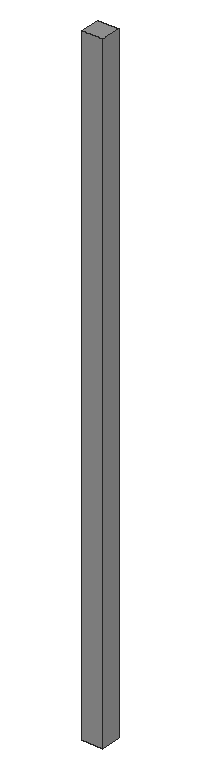
Revit family "EFPost", category Structural Columns, Revit 2021
Family settings
  Section Shape = Not Defined
  Material for Model Behavior = Other
  Always export as geometry = No
  Beam cutback in plan = From bounding box
  OmniClass Number = 23.25.30.11.14.11
  OmniClass Title = Columns
  Cut with Voids When Loaded = No
  Symbolic Representation = From Family
  Shared = No
  Show family pre-cut in plan views = Yes
Parameters (values of type "EFPost 4X4")
  b = 0' - 3 1/2"
  d = 0' - 3 1/2"
  EFType [instance] = "Post"
Types (2): name | b
  EFPost 4X4 | 0' - 3 1/2"
  EFPost 4.5X3.5 | 0' - 4 1/2"
Reference planes (in)
  plane 1 "Center (Front/Back)": y = 0
  plane 2: z = 0
  plane 3 "Center (Left/Right)": x = 0
  plane 4 "Left": x = -1.75
  plane 5 "Right": x = 1.75
  plane 6 "Back": y = 1.75
  plane 7 "Front": y = -1.75
Forms (in)
  Sweep 1, solid, material "Wood"
    path origin (0, 0, 0) x (1, 0, 0) y (0, 0, 1)
      loop
        line (0, 108) -> (0, 0)
    profile "RectangularProfile : RectangularProfile" origin (0, 0, 54) x (1, 0, 0) y (0, -1, 0)
      loop
        line (1.75, 1.75) -> (-1.75, 1.75) -> (-1.75, -1.75) -> (1.75, -1.75) -> (1.75, 1.75)
Dimensions and locks (in)
  equal spacing: plane 4 "Left", plane 3 "Center (Left/Right)", plane 5 "Right"
  equal spacing: plane 7 "Front", plane 1 "Center (Front/Back)", plane 6 "Back"
  "d": plane 7 "Front" to plane 6 "Back"
  "b": plane 4 "Left" to plane 5 "Right"
  aligned and locked: level to plane 2
Automatic sketch dimensions
  Sweep 1 sketch curve to level = 0' - 0"  (x2)
  Sweep 1 sketch curve to plane 3 "Center (Left/Right)" = 0' - 0"
